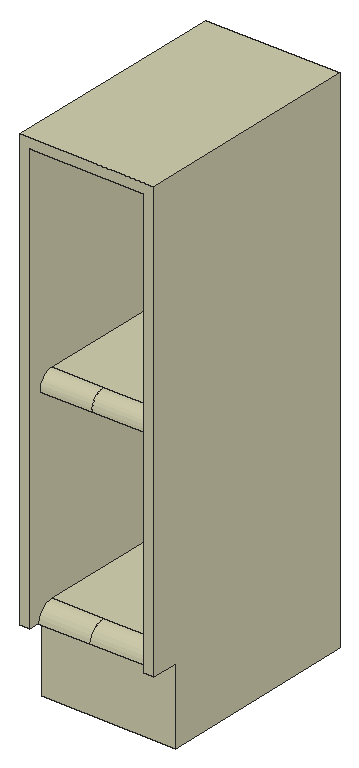
Revit family "Wenger Cabinet 57", category Furniture, Revit 2011
Parameters (values of type "Standard Cabinet #57")
  URL = "http://www.wengercorp.com/Home/Contact.html"
  Toekick Material [instance] = none
  RH End Panel [instance] = no
  Model = "57"
  Manufacturer = "Wenger Corporation"
  LH End Panel [instance] = no
  End Panel Material [instance] = none
  Edge Banding Material [instance] = none
  Door Material [instance] = none
  Description = "Standard Cabinet #57"
  Cabinet Width = 0' - 10"
  Cabinet Label = Labels : Standard
  Cabinet Height = 3' - 2 5/16"
  Cabinet Depth = 1' - 5 1/4"
  Cabinet Back Thickness = 0' - 0 3/4"
  Assembly Code = ""
Types (4): name | Model | Description | Cabinet Width | Cabinet Label | Cabinet Depth | Cabinet Back Thickness
  Standard Cabinet #57 | "57" | "Standard Cabinet #57" | 0' - 10" | Labels : Standard | 1' - 5 1/4" | 0' - 0 3/4"
  Acoustic Cabinet #57 | "57A" | "Acoustic Cabinet #57" | 0' - 10" | Labels : Acoustic | 1' - 7 3/4" | 0' - 3 1/4"
  Narrow Acoustic Cabinet #57 | "57NA" | "Narrow Acoustic Cabinet #57" | 0' - 8" | Labels : Narrow Acoustic | 1' - 7 3/4" | 0' - 3 1/4"
  Narrow Cabinet #57 | "57N" | "Narrow Cabinet #57" | 0' - 8" | Labels : Narrow | 1' - 5 1/4" | 0' - 0 3/4"
Reference planes (in)
  plane 1 "Front": y = 0
  plane 2: z = 0
  plane 3 "Left": x = 0
  plane 4 "Right": x = 10
  plane 5 "Back": y = 17.25
  plane 6 "Top": z = 38.3125
  plane 7: z = 5.625
  plane 8: z = 21.03125
  plane 9: x = 0.75
  plane 10: x = 9.25
  plane 11: z = 37.5625
  plane 12: y = 16.5
  plane 13: y = 2
  plane 14: y = 0.75
  plane 15: z = 22.15625
  plane 16: z = 6.75
Forms (in)
  Extrusion 1, solid, material "Wenger - Oyster"
    sketch origin (0, 0, 0) x (0, 1, 0) y (0, 0, 1)
      loop
        line (0, 38.3125) -> (0, 5.625) -> (2, 5.625) -> (2, 0) -> (17.25, 0) -> (17.25, 38.3125) -> (0, 38.3125)
    from 0 to 10
  Extrusion 2, void
    sketch origin (0, 0, 0) x (0, 1, 0) y (0, 0, 1)
      loop
        line (0, 37.5625) -> (0, 5.625) -> (0.73621, 5.625)
        arc (0.73621, 5.625) -> (1.15605, 6.42816) -> (2.00325, 6.75) r 1.276
        line (2.00325, 6.75) -> (16.5, 6.75) -> (16.5, 21.03125) -> (0.875, 21.03125)
        arc (0.875, 21.03125) -> (1.2045, 21.82675) -> (2, 22.15625) r 1.125
        line (2, 22.15625) -> (16.5, 22.15625) -> (16.5, 37.5625) -> (0, 37.5625)
    from 0.75 to 4.625
  Extrusion 3, void
    sketch origin (0, 0, 0) x (0, 1, 0) y (0, 0, 1)
      loop
        line (0, 37.5625) -> (0, 5.625) -> (0.73621, 5.625)
        arc (0.73621, 5.625) -> (1.15605, 6.42816) -> (2.00325, 6.75) r 1.276
        line (2.00325, 6.75) -> (16.5, 6.75) -> (16.5, 21.03125) -> (0.875, 21.03125)
        arc (0.875, 21.03125) -> (1.2045, 21.82675) -> (2, 22.15625) r 1.125
        line (2, 22.15625) -> (16.5, 22.15625) -> (16.5, 37.5625) -> (0, 37.5625)
    from 0.75 to 9.25
Cuts and joins
  Extrusion 2, Extrusion 3 cuts Extrusion 1
Lines and regions (in)
  symbolic lines
    curve 1: line (0, 17.25, 0) -> (10, 17.25, 0)
    curve 2: line (0, 0, 0) -> (0, 17.25, 0)
    curve 3: line (10, 0, 0) -> (0, 0, 0)
    curve 4: line (10, 17.25, 0) -> (10, 0, 0)
Dimensions and locks (in)
  locked: plane 3 "Left" to plane 9 at 0.75
  locked: plane 10 to plane 4 "Right" at 0.75
  "Cabinet Back Thickness": plane 5 "Back" to plane 12
  locked: plane 1 "Front" to plane 14 at 0.75
  locked: plane 1 "Front" to plane 13 at 2
  locked: plane 15 to plane 8 at 1.125
  locked: plane 6 "Top" to plane 11 at 0.75
  locked: plane 16 to plane 7 at 1.125
  plane 10 to plane 3 "Left" = 0' - 9 1/4"
  "Cabinet Width": plane 3 "Left" to plane 4 "Right"
  locked: plane 7 to level at 5.625
  "Cabinet Height": plane 6 "Top" to level
  "Cabinet Depth": plane 1 "Front" to plane 5 "Back"
  plane 9 to plane 10 = 0' - 8 1/2"
  plane 11 to plane 7 = 2' - 7 15/16"
  equal spacing: plane 11, plane 15, plane 16
  aligned and locked: Extrusion 1 sketch curve to plane 6 "Top"
  aligned and locked: Extrusion 1 sketch curve to plane 5 "Back"
  aligned and locked: Extrusion 1 sketch curve to plane 1 "Front"
  aligned and locked: Extrusion 1 sketch curve to plane 7
  aligned and locked: Extrusion 1 sketch curve to plane 13
  aligned and locked: Extrusion 1 sketch curve to level
  aligned and locked: Extrusion 1 to plane 4 "Right"
  aligned and locked: Extrusion 1 to plane 3 "Left"
  aligned and locked: plane 3 "Left" to curve 2
  aligned and locked: curve 1 to plane 5 "Back"
  aligned and locked: plane 4 "Right" to curve 4
  aligned and locked: curve 3 to plane 1 "Front"
  aligned: Extrusion 2 to plane 10
  aligned and locked: Extrusion 2 to plane 9
  aligned and locked: Extrusion 3 to plane 10
Automatic sketch dimensions
  Extrusion 2 sketch curve to plane 1 "Front" = 0' - 0"
  Extrusion 2 sketch curve to plane 7 = 0' - 0"
  Extrusion 2 sketch curve to plane 8 = 0' - 0"
  Extrusion 2 sketch curve to plane 13 = 0' - 0"
  Extrusion 2 sketch curve to plane 16 = 0' - 0"
  Extrusion 2 sketch curve to plane 12 = 0' - 0"  (x2)
  Extrusion 2 sketch curve to plane 15 = 0' - 0"
  Extrusion 2 sketch curve to plane 11 = 0' - 0"
  plane 14 to Extrusion 2 sketch curve = 0' - 0.01379"
  Extrusion 2 sketch curve to plane 13 = 0' - 0.00325"
  Extrusion 3 sketch curve to plane 1 "Front" = 0' - 0"
  Extrusion 3 sketch curve to plane 7 = 0' - 0"
  Extrusion 3 sketch curve to plane 8 = 0' - 0"
  Extrusion 3 sketch curve to plane 13 = 0' - 0"
  Extrusion 3 sketch curve to plane 16 = 0' - 0"
  Extrusion 3 sketch curve to plane 12 = 0' - 0"  (x2)
  Extrusion 3 sketch curve to plane 15 = 0' - 0"
  Extrusion 3 sketch curve to plane 11 = 0' - 0"
  plane 14 to Extrusion 3 sketch curve = 0' - 0.01379"
  Extrusion 3 sketch curve to plane 13 = 0' - 0.00325"
Nested families (in)
  nested 1: "LH End Panel" at (0, 2.25, 0) x (0, -1, 0) z (0, 0, 1), End Panel Material <- "End Panel Material", visible <- "LH End Panel", Edge Banding Material <- "Edge Banding Material", type "20x84 LH"
    with End Panel Material none, Edge Banding Material none, End Panel Height 3' - 2 5/16", End Panel Depth 1' - 5 1/4"
  nested 2: "RH End Panel" at (10.75, 2.25, 0) x (0, -1, 0) z (0, 0, 1), End Panel Material <- "End Panel Material", visible <- "RH End Panel", Edge Banding Material <- "Edge Banding Material", type "20x84 RH"
    with End Panel Material none, Edge Banding Material none, End Panel Height 3' - 2 5/16", End Panel Depth 1' - 5 1/4"
  nested 3: "Labels" at (5.11572, 9.98211, 0) x (0, 1, 0) z (0, 0, 1), type <- "Cabinet Label", type "Standard"
  nested 4: "Front Note" at (4.625, 0.875, 0), type "Front Note", detail levels medium+fine
Definition of nested family "LH End Panel"
  Parameters (values of type "20x84 LH")
    End Panel Material [instance] = none
    End Panel Height = 7' - 1 5/8"
    End Panel Depth = 1' - 7 1/4"
    Edge Banding Material [instance] = none
    Default Elevation = 4' - 0"
    Assembly Code = ""
  Reference planes (in)
    plane 1 "Center (Front/Back)": y = 0
    plane 2: z = 0
    plane 3 "Center (Left/Right)": x = 0
    plane 4: x = -15
    plane 5: x = 4.25
    plane 6: z = 5.625
    plane 7: x = 2.25
    plane 8: z = 85.625
    plane 9: y = -0.75
  Forms (in)
    Extrusion 1, solid, material <- "End Panel Material"
      sketch origin (0, 0, 0) x (1, 0, 0) y (0, 0, 1)
        loop
          line (-15, 85.625) -> (-15, 0) -> (2.25, 0) -> (2.25, 5.625) -> (4.25, 5.625) -> (4.25, 85.625) -> (-15, 85.625)
      from 0 to 0.75
  Dimensions and locks (in)
    locked: plane 7 to plane 5 at 2
    locked: plane 6 to level at 5.625
    "End Panel Height": plane 8 to level
    "End Panel Depth": plane 5 to plane 4
    locked: plane 9 to plane 1 "Center (Front/Back)" at 0.75
    aligned and locked: plane 4 to Extrusion 1 sketch curve
    aligned and locked: level to Extrusion 1 sketch curve
    aligned and locked: plane 7 to Extrusion 1 sketch curve
    aligned and locked: plane 6 to Extrusion 1 sketch curve
    aligned and locked: Extrusion 1 sketch curve to plane 5
    aligned and locked: Extrusion 1 sketch curve to plane 8
    aligned and locked: Extrusion 1 to plane 9
    aligned and locked: Extrusion 1 to plane 1 "Center (Front/Back)"
Definition of nested family "RH End Panel"
  Parameters (values of type "20x84 RH")
    End Panel Material [instance] = none
    End Panel Height = 7' - 1 5/8"
    End Panel Depth = 1' - 7 1/4"
    Edge Banding Material [instance] = none
    Default Elevation = 4' - 0"
    Assembly Code = ""
  Reference planes (in)
    plane 1 "Center (Front/Back)": y = 0
    plane 2: z = 0
    plane 3 "Center (Left/Right)": x = 0
    plane 4: x = -15
    plane 5: x = 4.25
    plane 6: z = 5.625
    plane 7: x = 2.25
    plane 8: z = 85.625
    plane 9: y = -0.75
  Forms (in)
    Extrusion 1, solid, material <- "End Panel Material"
      sketch origin (0, 0, 0) x (1, 0, 0) y (0, 0, 1)
        loop
          line (-15, 85.625) -> (-15, 0) -> (2.25, 0) -> (2.25, 5.625) -> (4.25, 5.625) -> (4.25, 85.625) -> (-15, 85.625)
      from 0 to 0.75
  Dimensions and locks (in)
    locked: plane 7 to plane 5 at 2
    locked: plane 6 to level at 5.625
    "End Panel Height": plane 8 to level
    "End Panel Depth": plane 5 to plane 4
    locked: plane 9 to plane 1 "Center (Front/Back)" at 0.75
    aligned and locked: plane 4 to Extrusion 1 sketch curve
    aligned and locked: level to Extrusion 1 sketch curve
    aligned and locked: plane 7 to Extrusion 1 sketch curve
    aligned and locked: plane 6 to Extrusion 1 sketch curve
    aligned and locked: Extrusion 1 sketch curve to plane 5
    aligned and locked: Extrusion 1 sketch curve to plane 8
    aligned and locked: Extrusion 1 to plane 9
    aligned and locked: Extrusion 1 to plane 1 "Center (Front/Back)"
Definition of nested family "Labels"
  Parameters (values of type "Standard")
    Cabinet Label = "01"
  Types (4): name | Cabinet Label
    Standard | "01"
    Narrow | "01N"
    Narrow Acoustic | "01NA"
    Acoustic | "01A"
  Reference planes (in)
    plane 1: y = 0
    plane 2: x = 0
  Text (in)
    label "xxxx" at (-0.00018, 0.00754, 0), shows "Cabinet Label"
Definition of nested family "Front Note"
  Parameters (values of type "Front Note")
    Cabinet Label = "Front"
  Reference planes (in)
    plane 1: y = 0
    plane 2: x = 0
  Text (in)
    label "Front" at (-0.00018, 0.00754, 0), shows "Cabinet Label"
